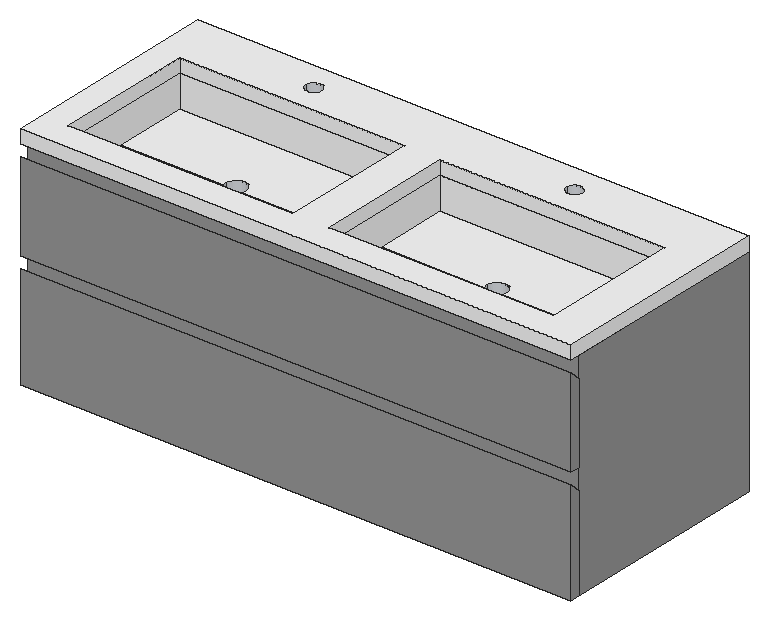
Revit family "CITY 1200 DOBLE MAPLE GRAY", category Furniture, Revit 2019
Family settings
  OmniClass Number = 23.40.20.00
  OmniClass Title = General Furniture and Specialties
  Work Plane-Based = No
  Always vertical = Yes
  Cut with Voids When Loaded = No
  Shared = No
  Room Calculation Point = No
Parameters
  MATERIAL MUEBLE = MAPLE GREY MUEBLE CITY
  LARGO MUEBLE = 700 mm
  ANCHO MUEBLE = 480 mm
Reference planes
  plane 1 "Center (Front/Back)": y = 0
  plane 2: z = 0
  plane 3 "Center (Left/Right)": x = 0
Forms (mm)
  Extrusion 1, solid
    sketch origin (0, 0, 0) x (0, 1, 0) y (0, 0, 1)
      loop
        line (0, 0) -> (0, 469) -> (-462, 469) -> (-462, 0) -> (0, 0)
    from 0 to 1200
  Extrusion 2, solid
    sketch origin (0, 0, 0) x (0, 1, 0) y (0, 0, 1)
      loop
        line (-462, 0) -> (-462, 205) -> (-482, 225) -> (-482, 0) -> (-462, 0)
      loop
        line (-462, 250) -> (-462, 424) -> (-482, 444) -> (-482, 250) -> (-462, 250)
    from 0 to 1200
  Extrusion 3, solid
    sketch origin (0, 0, 0) x (0, 1, 0) y (0, 0, 1)
      loop
        line (0, 469) -> (0, 499) -> (-482, 499) -> (-482, 469) -> (0, 469)
    from 0 to 1200
  Extrusion 4, void
    sketch origin (0, 0, 0) x (0, 1, 0) y (0, 0, 1)
      loop
        line (-120, 499) -> (-422.815, 499)
        arc (-422.815, 499) -> (-368.251, 424.944) -> (-280, 399) r 144.065
        line (-280, 399) -> (-120, 399) -> (-120, 499)
    from 56.979 to 546.979
  Extrusion 5, void
    sketch origin (0, 0, 0) x (0, 1, 0) y (0, 0, 1)
      loop
        line (-120, 499) -> (-422.815, 499)
        arc (-422.815, 499) -> (-368.251, 424.944) -> (-280, 399) r 144.065
        line (-280, 399) -> (-120, 399) -> (-120, 499)
    from 624.807 to 1114.807
  Extrusion 6, void
    sketch origin (0, 0, 0) x (1, 0, 0) y (0, 1, 0)
      loop
        circle (301.979, -60) r 17.5
      loop
        circle (869.807, -60) r 17.5
      loop
        circle (301.979, -271.407) r 22
      loop
        circle (869.807, -271.407) r 22
    from 205 to 542.313
Cuts and joins
  Extrusion 4, Extrusion 5, Extrusion 6 cuts Extrusion 1
  Extrusion 4, Extrusion 5, Extrusion 6 cuts Extrusion 3
Dimensions and locks
  aligned and locked: level to plane 2
